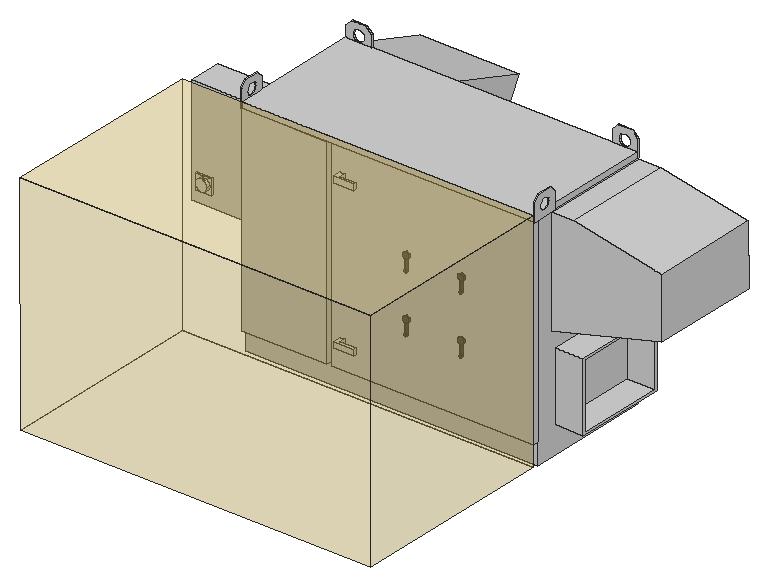
Revit family "Ventilator-RenewAire-Energy-Recovery-HE1XRTH", category Mechanical Equipment, Revit 2015
Parameters (values of type "0.75 HP 120V Single Phase")
  Voltage = "120"
  Ventilation Type = "Static Plate, Heat and Humidity Transfer"
  Unit Width = "40-1/4\""
  Unit Weight = "276-366 lbs."
  Unit Length = "81\""
  Unit Height = "44\""
  Unit = Metal - RenewAire - Anodized - Gray Text
  URL = "www.renewaire.com"
  Typical Airflow Range = "250 - 870 CFM"
  Standard Features = "Non-Fused Disconnect, 24VAC Transformer/Relay Package"
  Shipping Weight = "458 lbs."
  Service Area Visibility = yes
  Service Area Box = Interference - RenewAire - Smooth - Light - Gold
  Revit Object Download Link = ""
  Phase = "Single"
  Options = "Qty. 2 EC Motor (see HE1XRT EC Motor submittal) - 0.5 HP 120V/1Ph/60Hz, 0.5 HP 208-230V/1Ph/60Hz, Integrated programmable controls, Fused disconnect, Double wall construction, Factory supplied and mounted variable frequency drives (VFDs) – one or both airstreams, Class 1 low leakage motorized isolation dampers – OA, RA or both airstreams, Qty. 2 Factory mounted filter alarms, Independent blower control, Exterior Paint - white, custom colors"
  Number Motors = "Qty. 2, 0.75 HP ea., Direct drive blower/standard motor packages"
  Model = "HE1XRTH"
  Minimum Circuit Amps = "20.3"
  Maximum Overcurrent Protection = "25 A"
  Max. Shipping Width = "47\""
  Max. Shipping Length = "96\""
  Max. Shipping Height = "50\""
  Manufacturer = "RenewAire LLC"
  Frequency = "60 HZ"
  FLA per Motor = "9.0"
  Description = "Energy Recovery Ventilator"
  Accessories = "Filters - MERV 13, 2\" (shipped loose), Backdraft damper 12\", Solid state speed control kit - 115V, Qty. 1, 208-230V, Qty. 1, Roof curb - standard 14\", Curb wind clip, Engineered combo curb for Trane RTU, Engineered combo curb for Carrier RTU, Digital time clock - wall mount(TC7D-W), in exterior enclosure (TC7D-E), Motion occupancy control - ceiling mount(MC-C), wall mount(MC-W), Carbon dioxide control - wall mount (CO2-W), duct mount(CO2-D), Electric duct heater – EK series (1-60 KW); designed for indoor ductwork installation only, Indirect gas-fired duct furnace - GH Series (50-400 MBH), installed downstream of any fans"
  AHRI 1060 Certified Core = "One L125-G5"
Types (6): name | Voltage | Phase | Minimum Circuit Amps | Maximum Overcurrent Protection | FLA per Motor
  (no name) | "120" | "Single" | "20.3" | "25 A" | "9.0"
  0.75 HP 120V Single Phase | "120" | "Single" | "20.3" | "25 A" | "9.0"
  0.75 HP 208-230V Single Phase | "208-230" | "Single" | "10.1 A" | "15 A" | "4.5"
  0.75 HP 277V Single Phase | "277" | "Single" | "8.8 A" | "15 A" | "3.9"
  0.75 HP 208-230V Three Phase | "208-230" | "Three" | "5.2 A" | "15 A" | "1.7-2.3"
  0.75 HP 460V Three Phase | "460" | "Three" | "2.6 A" | "15 A" | "1.15"
Reference planes (in)
  plane 1 "Center (Front/Back)": y = 0
  plane 2: z = 0
  plane 3 "Center (Left/Right)": x = 0
Forms (in)
  Extrusion 1, solid, material "Metal - RenewAire - Anodized - Gray Text" <- "Unit"
    sketch origin (0, 0, 0) x (1, 0, 0) y (0, 1, 0)
      loop
        line (-26.4375, 11.5) -> (-26.4375, -10.375) -> (24.5625, -10.375) -> (24.5625, 11.5) -> (-26.4375, 11.5)
    from 0 to 38.5
  Extrusion 2, solid, material "Metal - RenewAire - Anodized - Gray Text"
    sketch origin (-2.6875, 0, 3.625) x (1, 0, 0) y (0, 0, 1)
      loop
        line (27.25, 34.875) -> (-8, 34.875) -> (-8, 0) -> (27.25, 0) -> (27.25, 34.875)
      loop
        line (-23.75, 34.875) -> (-23.75, 0) -> (-8.76605, 0) -> (-8.76605, 34.875) -> (-23.75, 34.875)
    from 10.375 to 11.375
  Extrusion 3, solid, material "Metal - RenewAire - Anodized - Gray Text"
    sketch origin (-13.375, 0, 2.565) x (1, 0, 0) y (0, 0, 1)
      loop
        line (-22.3125, 21.875) -> (-22.3125, 19.185) -> (-19.6225, 19.185) -> (-19.6225, 21.875) -> (-22.3125, 21.875)
    from 9.5 to 9.75
  Extrusion 4, solid, material "Metal - RenewAire - Anodized - Gray Text"
    sketch origin (-13.375, 0, 2.565) x (1, 0, 0) y (0, 0, 1)
      loop
        circle (-20.9675, 20.53) r 1
    from 10.25 to 9.75
  Extrusion 5, solid, material "Interference - RenewAire - Smooth - Light - Gold" <- "Service Area Box", visible <- "Service Area Visibility"
    sketch origin (-1.875, 0, 4.625) x (1, 0, 0) y (0, 0, 1)
      loop
        line (-34.8125, 34.875) -> (-34.8125, -4.625) -> (26.4375, -4.625) -> (26.4375, 34.875) -> (-34.8125, 34.875)
    from 11.375 to 46.875
  Extrusion 6, solid, material "Metal - RenewAire - Anodized - Gray Text" <- "Unit"
    sketch origin (0, 0, 0) x (1, 0, 0) y (0, 0, 1)
      loop
        line (-26.4375, 39.5) -> (-26.4375, 38.5) -> (24.5625, 38.5) -> (24.5625, 39.5) -> (-26.4375, 39.5)
    from -11.5 to 11.375
  Extrusion 7, solid, material "Metal - RenewAire - Anodized - Gray Text" <- "Unit"
    sketch origin (0, 0, 0) x (0, 1, 0) y (0, 0, 1)
      loop
        line (10.25, 16.875) -> (-5.75, 16.875) -> (-5.75, 4.875) -> (10.25, 4.875) -> (10.25, 16.875)
      loop
        line (10, 16.625) -> (-5.5, 16.625) -> (-5.5, 5.125) -> (10, 5.125) -> (10, 16.625)
    from -27.4375 to -26.4375
  Extrusion 8, solid, material "Metal - RenewAire - Anodized - Gray Text" <- "Unit"
    sketch origin (0, 0, 0) x (0, 1, 0) y (0, 0, 1)
      loop
        line (-6.75, 16.875) -> (-6.75, 4.875) -> (9.25, 4.875) -> (9.25, 16.875) -> (-6.75, 16.875)
      loop
        line (-6.5, 16.625) -> (-6.5, 5.125) -> (9, 5.125) -> (9, 16.625) -> (-6.5, 16.625)
    from 24.5625 to 29.5625
  Extrusion 9, solid, material "Metal - RenewAire - Anodized - Gray Text" <- "Unit"
    sketch origin (0, 0, 0) x (1, 0, 0) y (0, 0, 1)
      loop
        line (-26.4375, 38.5) -> (-36.6875, 38.5) -> (-36.6875, 19.75) -> (-26.4375, 19.75) -> (-26.4375, 38.5)
    from 3.75 to 9.5
  Extrusion 10, solid, material "Metal - RenewAire - Anodized - Gray Text" <- "Unit"
    sketch origin (0, 0, 0) x (1, 0, 0) y (0, 0, 1)
      loop
        line (24.5625, 38.375) -> (24.5625, 19.875) -> (43.8125, 24.875) -> (43.8125, 35.375) -> (28.5625, 38.375) -> (24.5625, 38.375)
    from -11.5 to 7.5
  Extrusion 11, solid, material "Metal - RenewAire - Anodized - Gray Text" <- "Unit"
    sketch origin (0, 0, 0) x (0, 1, 0) y (0, 0, 1)
      loop
        line (11.5, 22.625) -> (17.375, 22.625) -> (23.875, 26.125) -> (27.625, 32.75) -> (11.5, 38.5) -> (11.5, 22.625)
    from -26.4375 to -9.1875
  Extrusion 12, solid, material "Metal - RenewAire - Anodized - Gray Text" <- "Unit"
    sketch origin (0, 0, 0) x (0, 1, 0) y (0, 0, 1)
      loop
        line (-11.375, 38.5) -> (-6.875, 38.5) -> (-6.875, 41.5) -> (-7.875, 42.5) -> (-10.375, 42.5) -> (-11.375, 41.5) -> (-11.375, 38.5)
      loop
        circle (-9.125, 40.5) r 1
    from 24.5625 to 24.75
  Extrusion 13, solid, material "Metal - RenewAire - Anodized - Gray Text" <- "Unit"
    sketch origin (0, 0, 0) x (0, 1, 0) y (0, 0, 1)
      loop
        line (-11.375, 38.5) -> (-6.875, 38.5) -> (-6.875, 41.5) -> (-7.875, 42.5) -> (-10.375, 42.5) -> (-11.375, 41.5) -> (-11.375, 38.5)
      loop
        circle (-9.125, 40.5) r 1
    from -26.625 to -26.4375
  Extrusion 14, solid, material "Metal - RenewAire - Anodized - Gray Text" <- "Unit"
    sketch origin (0, 0, 0) x (1, 0, 0) y (0, 0, 1)
      loop
        line (-26.4375, 38.5) -> (-21.9375, 38.5) -> (-21.9375, 41.5) -> (-22.9375, 42.5) -> (-25.4375, 42.5) -> (-26.4375, 41.5) -> (-26.4375, 38.5)
      loop
        circle (-24.1875, 40.5) r 1
    from -11.6875 to -11.5
  Extrusion 15, solid, material "Metal - RenewAire - Anodized - Gray Text" <- "Unit"
    sketch origin (46.5, 0, 0) x (1, 0, 0) y (0, 0, 1)
      loop
        line (-26.4375, 38.5) -> (-21.9375, 38.5) -> (-21.9375, 41.5) -> (-22.9375, 42.5) -> (-25.4375, 42.5) -> (-26.4375, 41.5) -> (-26.4375, 38.5)
      loop
        circle (-24.1875, 40.5) r 1
    from -11.6875 to -11.5
  Extrusion 16, solid, material "Metal - RenewAire - Anodized - Gray Text" <- "Unit"
    sketch origin (1.5, 0, 0) x (1, 0, 0) y (0, 1, 0)
      loop
        line (-10.6875, -11.375) -> (-10.6875, -12.875) -> (-7.1875, -12.875) -> (-7.1875, -12.375) -> (-9.9375, -12.375) -> (-9.9375, -11.375) -> (-10.6875, -11.375)
    from 33.5 to 34.5
  Extrusion 17, solid, material "Metal - RenewAire - Anodized - Gray Text" <- "Unit"
    sketch origin (1.5, 0, 0) x (1, 0, 0) y (0, 1, 0)
      loop
        line (-10.6875, -11.375) -> (-10.6875, -12.875) -> (-7.1875, -12.875) -> (-7.1875, -12.375) -> (-9.9375, -12.375) -> (-9.9375, -11.375) -> (-10.6875, -11.375)
    from 7.625 to 8.625
  Extrusion 18, void
    sketch origin (0, 0, 0) x (1, 0, 0) y (0, 1, 0)
      loop
        line (-25.9375, 11) -> (-25.9375, -9.875) -> (24.0625, -9.875) -> (24.0625, 11) -> (-25.9375, 11)
    from 0 to 3.625
Cuts and joins
  Extrusion 18 cuts Extrusion 1
Dimensions and locks (in)
  aligned and locked: level to plane 2
  aligned and locked: nested 1 to Extrusion 5
  aligned and locked: Extrusion 6 to Extrusion 1
Nested families (in)
  nested 1: "Monitoring Port" at (2.4375, -11.375, 13), type "Monitoring Port"
  nested 2: "Monitoring Port" at (2.4375, -11.375, 23), type "Monitoring Port"
  nested 3: "Monitoring Port" at (12.0625, -11.375, 13), type "Monitoring Port"
  nested 4: "Monitoring Port" at (12.0625, -11.375, 23), type "Monitoring Port"
Connectors (in)
  hvac at (29.5625, 1.25, 10.875)
    settings: on Extrusion 8, index 1, duct flow 0 CFM, flow factor 0, pres drop 0.00 in-wg, loss coef 0, conn angle 0.00°, conn width 16", conn height 12", conn diameter 24", duct sys type 2, conn prof type 1, flow config 0, flow direction 1, loss method 0, conn ref index -1, conn util no, is conn primary yes, conn desc "RA (Return Air)"
  hvac at (-27.4375, 2.25, 10.875)
    settings: on Extrusion 7, index 4, duct flow 0 CFM, flow factor 0, pres drop 0.00 in-wg, loss coef 0, conn angle 0.00°, conn width 16", conn height 12", conn diameter 24", duct sys type 1, conn prof type 1, flow config 0, flow direction 2, loss method 0, conn ref index -1, conn util no, is conn primary no, conn desc "FA (Fresh Air)"
Definition of nested family "Monitoring Port"
  Parameters
    URL = "www.renewaire.com"
    Revit Object Download Link = ""
    Model = ""
    Manufacturer = "RenewAire LLC"
    Description = "Monitoring Ports"
  Reference planes (in)
    plane 1 "Center (Front/Back)": y = 0
    plane 2: z = 0
    plane 3 "Center (Left/Right)": x = 0
  Forms (in)
    Extrusion 1, solid
      sketch origin (-9.43348, 0, 37.76669) x (-1, 0, 0) y (0, 0, -1)
        loop
          line (-9.53348, 35.65895) -> (-9.94097, 35.42369) -> (-9.94097, 34.83769) -> (-9.43348, 34.54469) -> (-8.92599, 34.83769) -> (-8.92599, 35.42369) -> (-9.33348, 35.65895) -> (-9.33348, 37.28756)
          arc (-9.33348, 37.28756) -> (-9.43348, 37.76669) -> (-9.53348, 37.28756) r 0.25
          line (-9.53348, 37.28756) -> (-9.53348, 35.65895)
      from 0 to 0.25
  Dimensions and locks (in)
    aligned and locked: level to plane 2
